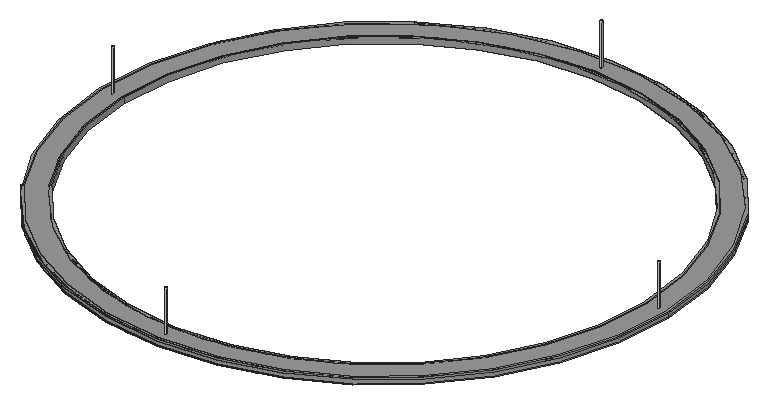
Revit family "MONALISA_3000MM_41_4000K", category Lighting Fixtures, host Ceiling, Revit 2021
Family settings
  Host = Ceiling
  Round Connector Dimension = Use Diameter
  Part Type = Normal
  OmniClass Number = 23.80.70.11
  OmniClass Title = Luminaries for Internal Lighting
  Always vertical = Yes
  Cut with Voids When Loaded = No
  Light Source = Yes
  Shared = No
  Room Calculation Point = No
Parameters (values of type "Type 1")
  Wattage = 107.714 W
  built-in parameter 1150110 = 1 (stored number, unit not read)
  Type de lampe = "LED Samsung 2835 SMD"
  Type = "Suspension"
  built-in parameter 1114217 = 1 (stored number, unit not read)
  Tilt Angle = 90.00°
  built-in parameter 1150109 = 1 (stored number, unit not read)
  built-in parameter 1150134 = 12
  built-in parameter 1150113 = 1 (stored number, unit not read)
  SDCM = "<3"
  Puissance nominale = "200W"
  Photometric Web File = "google_eulumdat_converter (4).ies"
  Lumens = 16000 lm
  built-in parameter 1150115 = 1 (stored number, unit not read)
  built-in parameter 1150105 = 1273.2 (stored number, unit not read)
  built-in parameter 1150137 = (empty or 0)
  built-in parameter 1150139 = (empty or 0)
  built-in parameter 1150112 = 1 (stored number, unit not read)
  built-in parameter 1150114 = 1 (stored number, unit not read)
  built-in parameter 1150132 = 2
  built-in parameter 1150102 = (empty or 0)
  built-in parameter 1150138 = (empty or 0)
  built-in parameter 1150107 = 4000 (stored number, unit not read)
  built-in parameter 1150106 = 12.732 (stored number, unit not read)
  IRC = ">80"
  Fintion = "Gris aluminium - Diffuseur acrylique"
  Emit from Circle Diameter = 609.6 mm
  Emit Shape Visible in Rendering = no
  built-in parameter 1150104 = 13.8 (stored number, unit not read)
  Durée de vie = "50 000 heures"
  Driver = "Driver Osram"
  Dimming Lamp Color Temperature Shift = <None>
  Dimensions = "ø 3000 mm, H : 32 mm"
  Default Elevation = 0 mm
  Color Filter = 16777215
  built-in parameter 1114218 = 1 (stored number, unit not read)
  built-in parameter 1150133 = 10 (stored number, unit not read)
  Angle d'éclairage = "120°"
  Alimentation luminaire = "1500mA x 4pcs / 30V"
  Alimentation Driver = "AC 220-240V"
Reference planes
  plane 1 "Light Source Axis (F/B)": y = 0
  plane 2: z = 0
  plane 3 "Light Source Axis (L/R)": x = 0
  plane 4 "Ceiling": z = 4000
  plane 5 "Light Source Elevation": z = 3762.902
Forms (mm)
  Extrusion 1, solid, material "Aluminum, Anodized grey"
    sketch origin (0, 0, 4000) x (0, 1, 0) y (-1, 0, 0)
      loop
        circle (0, 0) r 1500
      loop
        circle (0, 0) r 1375
      loop
        circle (0, 0) r 1384.139
      loop
        circle (0, 0) r 1489.033
    from -250 to -218
  Extrusion 2, solid, material "Aluminum, Anodized grey"
    sketch origin (0, 0, 4000) x (0, 1, 0) y (-1, 0, 0)
      loop
        circle (0, 0) r 1500
      loop
        circle (0, 0) r 1384.139
    from -225.222 to -218
  Extrusion 3, solid, material "Glass, White, High Luminance"
    sketch origin (0, 0, 3982.456) x (0, 1, 0) y (-1, 0, 0)
      loop
        circle (0, 0) r 1500
      loop
        circle (0, 0) r 1384.139
    from -232.456 to -227.456
  Extrusion 4, solid
    sketch origin (1.545, 907.974, 4000) x (0, 1, 0) y (-1, 0, 0)
      loop
        circle (521.528, 1.237) r 5
    from -218 to 0
  Extrusion 5, solid
    sketch origin (-763.873, -284.19, 4000) x (0, 1, 0) y (-1, 0, 0)
      loop
        circle (287.038, 670.95) r 5
    from -218 to 0
  Extrusion 6, solid
    sketch origin (2.004, -1621.242, 4000) x (0, 1, 0) y (-1, 0, 0)
      loop
        circle (180.977, 1.722) r 5
    from -218 to 0
  Extrusion 7, solid
    sketch origin (1118.552, -285.871, 4000) x (0, 1, 0) y (-1, 0, 0)
      loop
        circle (287.683, -328.319) r 5
    from -218 to 0
Lines and regions (mm)
  reference lines
    curve 1: line (0, 0, 4000) -> (300, 0, 4000)
    curve 2: line (300, 0, 4000) -> (275, 0, 4000)
    curve 3: line (0, 0, 3750) -> (0, 0, 3782)
    curve 4: line (0, 0, 4000) -> (400, 0, 4000)
    curve 5: line (0, 0, 4000) -> (500, 0, 4000)
    curve 6: line (0, 0, 4000) -> (600, 0, 4000)
    curve 7: line (0, 0, 4000) -> (750, 0, 4000)
    curve 8: line (0, 0, 4000) -> (900, 0, 4000)
    curve 9: line (0, 0, 4000) -> (1000, 0, 4000)
    curve 10: line (0, 0, 4000) -> (600, 0, 4000)
    curve 11: line (0, 0, 4000) -> (1200, 0, 4000)
    curve 12: line (0, 0, 4000) -> (1500, 0, 4000)
Dimensions and locks
  equal spacing: host sketch curve, plane 3 "Light Source Axis (L/R)", host sketch curve
  equal spacing: host sketch curve, plane 1 "Light Source Axis (F/B)", host sketch curve
  host sketch curve to host sketch curve = 4000 mm  (x2)
  plane 4 "Ceiling" to host ceiling = 0 mm
  aligned and locked: plane 1 "Light Source Axis (F/B)" to imposter light
  aligned and locked: plane 5 "Light Source Elevation" to imposter light
